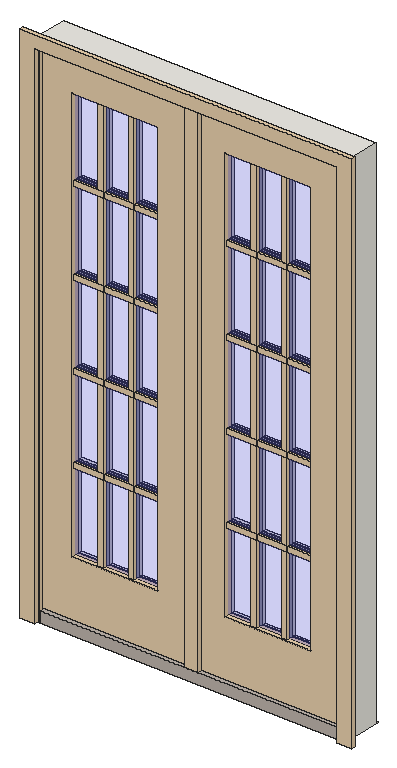
Revit family "Door-Inswing-Andersen-400_Series-Double 3", category Doors, host Wall, Revit 2013
Parameters
  Visual Light Transmittance = 0.37  # constant formula
  Type Comments = "Vinyl-clad wood inswing double door"  # constant formula
  Thermal Resistance (R) = 0.58703  # 3.3333 (h·ft²·°F)/BTU
  Solar Heat Gain Coefficient = 0.16  # constant formula
  Rough Width = Width + (Rough Opening Offset * 2)  # 4' - 0 1/2"
  Rough Opening Offset = 0' - 0 1/4"
  Masonry Width = if(Enter Exterior Trim Number > 0, Width + ((casing4 + Masonry Opening Offset) * 2), Width + (Masonry Opening Offset * 2))  # 4' - 0 1/2"
  Masonry Opening Offset = 0' - 0 1/4"
  Masonry Height = if(Enter Exterior Trim Number > 0, Height + (casing4 + 0' 0 1/2"), Height + 0' 0 1/2")  # 6' - 8 1/2"
  Learn About These Parameters = "http://www.andersenwindows.com/for-professionals/cad-symbols-bim-support-window-doors/bim-support"
  Heat Transfer Coefficient (U) = 1.7035  # 0.3000 BTU/(h·ft²·°F)
  Grille Bar Sizes = "3/4'', 7/8'', 1 1/8'', 2 1/4''"  # constant formula
  Between Glass Grille Bar Sizes = "3/4'', 1''"  # constant formula
  Interior Trim Visibility = yes
  Grille Bar Size = 0' - 0 7/8"
  Enter Pattern Number = 1
  Analytic Construction = "<None>"
  ..Pattern Number 1 = "Colonial"  # constant formula
  . . Lights Wide = 3
  . . Lights High = 5
  ..Pattern Number 2 = "Modified Colonial"  # constant formula
  ..Pattern Number 3 = "Prairie"  # constant formula
  ..Pattern Number 4 = "Short Fractional"  # constant formula
  ..Pattern Number 5 = "Tall Fractional"  # constant formula
  Extension Jamb Visibility = yes
  Enter Exterior Trim Number = 0
  ..Exterior Trim Number 0 = "No Exterior Trim"  # constant formula
  ..Exterior Trim Number 1 = "Brick Mould"  # constant formula
  ..Exterior Trim Number 2 = "3 1/2'' Flat Casing"  # constant formula
  ..Exterior Trim Number 3 = "4 1/2'' Flat Casing"  # constant formula
  Interior Grille Bar Visibility = yes
  Exterior Grille Bar Visibility = yes
  Between Glass Grille Bar Visibility = yes
  xjamb Visibility [instance] = and(Extension Jamb Visibility, Wall Depth > 0' 4 9/16")  # no
  xjamb S1 [instance] = if(Wall Depth < 0' 4 5/8", 0' 0 1/16", 0' 0")  # 0' - 0 1/16"
  casingS2 = if(Enter Exterior Trim Number = 1, 0' 0 3/16", 0' 0 3/16")  # 0' - 0 3/16"
  casingS1 = if(Enter Exterior Trim Number = 1, 0' 0 7/16", 0' 0 3/16")  # 0' - 0 3/16"
  casing4 = if(Enter Exterior Trim Number = 1, 0' 1 3/4", if(Enter Exterior Trim Number = 2, 0' 3 1/4", 0' 4 1/4"))  # 0' - 4 1/4"
  casing3 = 0' - 0 1/2"  # constant formula
  casing2 = 0' - 0 7/8"  # constant formula
  casing1 = 0' - 0 1/4"  # constant formula
  Wall Thickness [instance] = 0' - 8"
  Wall Depth [instance] = 0' - 4 9/16"
  Void Offset 1 [instance] = if(Enter Exterior Trim Number > 0, casing4, 0' 0")  # 0' - 0"
  Void Depth [instance] = if(Wall Thickness > Wall Depth, 0' 1" + Wall Thickness - Wall Depth, 0' 1")  # 0' - 4 7/16"
  VGB DLO = if(Enter Pattern Number = 3, 0' 4", (H DLO - (Grille Bar Size * (V Bars))) / if(LWide > 2, LWide, 3))  # 0' - 3.83333"
  V Bars = if(Enter Pattern Number = 3, 2, if(LWide > 2, LWide - 1, 2))  # 2
  URL = "www.andersenwindows.com"
  TS V DLO = Height - HGO - SGO  # 5' - 3 7/8"
  TS V Bar Length = if(or(Enter Pattern Number = 5, Enter Pattern Number = 2), ((((Height - HGO - SGO - (Grille Bar Size * (Fractional Lights High - 1))) / Fractional Lights High)) * TFL) + (TFB * Grille Bar Size), if(Enter Pattern Number = 4, ((Height - HGO - SGO - (Grille Bar Size * (Fractional Lights High - 1))) / Fractional Lights High), Height - HGO - SGO))  # 5' - 3 7/8"
  TS SH DLO = if(or(Enter Pattern Number = 5, Enter Pattern Number = 2), ((((Height - HGO - SGO - (Grille Bar Size * (Fractional Lights High - 1))) / Fractional Lights High)) * TFL) + (TFB * Grille Bar Size) + HGO + (Grille Bar Size / 2), if(Enter Pattern Number = 4, TS V Bar Length + HGO + (Grille Bar Size / 2), (TS V DLO / 2) + HGO))  # 3' - 1 9/16"
  TS S V = or(and(LWide = 2, Enter Pattern Number = 1), and(Fractional Lights Wide = 2, or(or(Enter Pattern Number = 2, Enter Pattern Number = 4), Enter Pattern Number = 5)))  # no
  TS S H Craftsman = and(Enter Pattern Number = 2, or(Fractional Lights High = 4, Fractional Lights High = 5))  # no
  TS S H = or(or(or(and(. . Lights High = 2, Enter Pattern Number = 1), and(Enter Pattern Number = 4, Fractional Lights High > 1)), and(Enter Pattern Number = 5, Fractional Lights High > 1)), and(Enter Pattern Number = 2, Fractional Lights High > 1))  # no
  TS M V = or(or(or(or(or(and(LWide > 2, Enter Pattern Number = 1), and(LWide > 2, Enter Pattern Number = 2)), Enter Pattern Number = 3), Enter Pattern Number = 4), Enter Pattern Number = 5), and(LWide > 2, Enter Pattern Number = 6))  # yes
  TS M H = or(or(Enter Pattern Number = 3, and(. . Lights High > 2, Enter Pattern Number = 1)), and(Enter Pattern Number = 2, Fractional Lights High > 5))  # yes
  TS HGB DLO = if(Enter Pattern Number = 1, if(. . Lights High > 2, ((TS V Bar Length - (Grille Bar Size * (. . Lights High - 1))) / . . Lights High), 0' 4"), if(Enter Pattern Number = 3, 0' 4", if(Fractional Lights High > 2, ((TS V Bar Length - (Grille Bar Size * 2)) / 3), 0' 4")))  # 1' - 0.075"
  TS H Bars = if(Enter Pattern Number = 3, 2, if(Enter Pattern Number = 1, if(. . Lights High > 2, . . Lights High - 1, 2), 2))  # 4
  TFL = if(Fractional Lights High > 5, 3, if(or(Fractional Lights High = 4, Fractional Lights High = 5), 2, if(or(Fractional Lights High = 2, Fractional Lights High = 3), 1, 1)))  # 3
  TFB = TFL - 1  # 2
  Sill Interior Offset [instance] = 0' - 0"  # constant formula
  Sill Height [instance] = 0' - 1 11/16"  # constant formula
  Rough Height = if(1 > 0, Height + 0' 0 1/2", 0' 0")  # 6' - 8 1/2"
  Panel Bottom Inset [instance] = 0' - 1 7/8"  # constant formula
  Sill Depth [instance] = 0' - 6 7/32"  # constant formula
  SGO = 0' - 10 1/2"  # constant formula
  Product Documentation Link = "http://www.andersenwindows.com/products/400-series-frenchwood-hinged-patio-door/"
  Panel Width = Width / 2 - 0' 1 3/16" - 0' 1 27/64" / 2  # 1' - 10 13/128"
  Panel Height [instance] = CTRL Height - 0' 1 3/16" - Panel Bottom Inset  # 6' - 4 15/16"
  Nail Fin Visibility = Enter Exterior Trim Number = 0  # yes
  Model = "400 Series"  # constant formula
  Manufacturer = "Andersen Corporation"  # constant formula
  LWide = if(Enter Pattern Number = 3, 3, if(Enter Pattern Number = 1, . . Lights Wide, Fractional Lights Wide))  # 3
  JGO = 0' - 5 5/8"  # constant formula
  Is Outswing = 1 = 1  # yes
  Interior Unit Finish = Wood - Andersen - Pine
  Interior Trim Size = 0' - 2 1/4"
  HGO = 0' - 5 5/8"  # constant formula
  H DLO = Width / 2 - (JGO * 2) + 0' 0 1/2"  # 1' - 1 1/4"
  Glazing Material = Glass ‐ Andersen - Low-E4 SmartSun
  Function = Exterior
  Height = 6' - 8"
  Wall Closure = By host
  Width = 4' - 0"
  Frame Interior Inset [instance] = 0' - 0"  # constant formula
  Frame Depth [instance] = 0' - 5 7/8"  # constant formula
  Fractional Lights Wide = 4
  Fractional Lights High = 6
  Family Version = "06.01.14"  # constant formula
  Exterior Unit Finish = Fiberglass - Andersen - White
  Exterior Trim Finish = Fibrex Composite - Andersen - White
  Designation = "FWH"
  Description = "Vinyl-clad wood inswing double door"  # constant formula
  Coarse Plan [instance] = if(Wall Depth > Wall Thickness, Wall Thickness, Wall Depth)  # 0' - 4 9/16"
  Casing Visibility [instance] = Enter Exterior Trim Number > 0  # no
  CTRL Height [instance] = Height  # 6' - 8"
  Between Glass Grille Bar Finish = Stainless Steel - Andersen - Standard
  BS V DLO = Height - HGO - SGO  # 5' - 3 7/8"
  BS SH DLO = if(Enter Pattern Number = 5, SGO + 0' 4" + (Grille Bar Size / 2), (BS V DLO / 2) + SGO)  # 3' - 6 7/16"
  BS S V = and(LWide = 2, Enter Pattern Number = 1)  # no
  BS M V = or(or(and(LWide > 2, Enter Pattern Number = 1), Enter Pattern Number = 3), Enter Pattern Number = 5)  # yes
  Assembly Code = "B2030100"
Reference planes (in)
  plane 1 "Center (Front/Back)": y = 0
  plane 2 "Center (Left/Right)": x = 0
  plane 3 "R Frame": x = -24
  plane 4 "L Frame": x = 24
  plane 5 "T Frame": z = 80
  plane 6 "Wall S1": y = 4
  plane 7 "Wall S2": y = -4
  plane 8 "Interior Casing": y = -4.625
  plane 9 "Frame S2": y = -4
  plane 10 "Flange": y = 0.5625
  plane 11 "Casing S2": y = 2.0625
  plane 12 "Casing S1": y = 2.0625
  plane 13 "Exterior Offset": y = 5
  plane 14 "Coarse Detail Plan": y = 1.5625
  plane 15 "R Rough Opening": x = -24.25
  plane 16 "R Casing 1": x = -23.75
  plane 17 "R Casing 2": x = -27.375
  plane 18 "R Casing 3": x = -27.75
  plane 19 "R Casing 4": x = -28.25
  plane 20 "R Masonry Opening": x = -24.25
  plane 21 "L Masonry Opening": x = 24.25
  plane 22 "L Casing 4": x = 28.25
  plane 23 "L Casing 3": x = 27.75
  plane 24 "L Casing 2": x = 27.375
  plane 25 "L Casing 1": x = 23.75
  plane 26 "L Rough Opening": x = 24.25
  plane 27 "T Rough Opening": z = 80.5
  plane 28 "T Casing 1": z = 79.75
  plane 29 "T Casing 2": z = 83.375
  plane 30 "T Casing 3": z = 83.75
  plane 31 "T Casing 4": z = 84.25
  plane 32 "T Masonry Opening": z = 80.5
  plane 33 "R Int Casing": x = -25.5
  plane 34 "R Xjamb 2": x = -23.875
  plane 35 "R Ext Frame": x = -22.96875
  plane 36 "L Int Casing": x = 25.5
  plane 37 "L Xjamb 2": x = 23.875
  plane 38 "L Ext Frame": x = 22.96875
  plane 39 "T Int Casing": z = 81.21875
  plane 40 "T Xjamb 2": z = 79.875
  plane 41 "T Ext Frame": z = 78.96875
  plane 42 "L Panel": x = -0.71094
  plane 43 "R Panel": x = -22.8125
  plane 44 "T Panel": z = 78.8125
  plane 45 "B Panel": z = 1.875
  plane 46 "B Glazing": z = 10.5
  plane 47 "T Glazing": z = 74.375
  plane 48 "L Glazing": x = -5.14844
  plane 49 "R Glazing": x = -18.375
  plane 50 "Panel1 S1": y = -1.8125
  plane 51 "Panel1 S2": y = -3.53125
  plane 52 "Xjamb S1": y = -3.9375
  plane 53 "Frame S1": y = 1.875
  plane 54 "Stop Exterior": y = -0.64368
  plane 55 "Stop Interior": y = -1.781
  plane 56 "Sill Interior": y = -4
  plane 57 "Sill Exterior": y = 2.21875
  plane 58 "L Stop": x = 21.9375
  plane 59 "R Stop": x = -21.9375
  plane 60 "T Stop": z = 77.9375
  plane 61 "Sill Height": z = 1.6875
  plane 62 "Glass1 S1": y = -2.21875
  plane 63 "Glass1 S3": y = -2.8125
  plane 64 "Glass1 S2": y = -2.375
  plane 65 "Glass1 S4": y = -2.96875
  plane 66 "Vert Bar length": z = 10.5
  plane 67 "L Xjamb 1": x = 23.25
  plane 68 "R Xjamb S1": x = -23.25
  plane 69 "T Xjamb S1": z = 79.25
  plane 70 "Center Elevation": z = 40.34375
  plane 71 "R of Right Panel": x = 22.8125
  plane 72 "Left of Right Panel": x = 0.71094
  plane 73 "R Glazing of Right Panel": x = 18.375
  plane 74 "L Glazing Right Panel": x = 5.14844
  plane 75 "Center of Left Panel": x = -11.76172
  plane 76 "Center of Right Panel": x = 11.76172
Forms (in)
  Extrusion 1, void
    sketch origin (0, 0, 0) x (1, 0, 0) y (0, 0, 1)
      loop
        line (24, 80) -> (-24, 80) -> (-24, 0) -> (24, 0) -> (24, 80)
    from -0.5625 to 4
  Extrusion 2, void
    sketch origin (0, 0, 0) x (1, 0, 0) y (0, 0, 1)
      loop
        line (24, 80) -> (-24, 80) -> (-24, 0) -> (24, 0) -> (24, 80)
    from -16 to -0.5625
  Sweep 3, solid, material "Fibrex Composite - Andersen - White" <- "Exterior Trim Finish", visible <- "Casing Visibility", detail levels medium+fine
    path origin (0, 0.5625, 0) x (-1, 0, 0) y (0, 0, 1)
      loop
        line (-28.25, 0) -> (-28.25, 84.25) -> (28.25, 84.25) -> (28.25, 0)
    profile origin (28.25, 0.5625, 42.125) x (1, 0, 0) y (0, 1, 0)
      loop
        line (-0.875, 1.5) -> (-4.5, 1.5) -> (-4.5, 0) -> (0, 0) -> (0, 1.5) -> (-0.5, 1.5) -> (-0.875, 1.5)
  Extrusion 4, solid, material "Fibrex Composite - Andersen - White" <- "Exterior Trim Finish", visible <- "Casing Visibility", detail levels coarse
    sketch origin (0, 0.5625, 0) x (-1, 0, 0) y (0, 0, 1)
      loop
        line (-23.75, 79.75) -> (23.75, 79.75) -> (23.75, 0) -> (28.25, 0) -> (28.25, 84.25) -> (-28.25, 84.25) -> (-28.25, 0) -> (-23.75, 0) -> (-23.75, 79.75)
    from 0 to 1.4375
  Extrusion 5, solid, material "Wood - Andersen - Pine" <- "Interior Unit Finish", visible <- "Interior Trim Visibility", detail levels fine
    sketch origin (0, 0, 0) x (1, 0, 0) y (0, 0, 1)
      loop
        line (-23.25, 79.25) -> (23.25, 79.25) -> (23.25, 0) -> (25.5, 0) -> (25.5, 81.21875) -> (-25.5, 81.21875) -> (-25.5, 0) -> (-23.25, 0) -> (-23.25, 79.25)
    from 4 to 4.625
  Extrusion 6, solid, material "Wood - Andersen - Pine" <- "Interior Unit Finish", visible <- "xjamb Visibility", detail levels medium+fine
    sketch origin (0, 0, 0) x (1, 0, 0) y (0, 0, 1)
      loop
        line (-23.875, 0) -> (-23.25, 0) -> (-23.25, 79.25) -> (23.25, 79.25) -> (23.25, 0) -> (23.875, 0) -> (23.875, 79.875) -> (-23.875, 79.875) -> (-23.875, 0)
    from 3.9375 to 4
  Sweep 7, solid, material "Fiberglass - Andersen - White" <- "Exterior Unit Finish", detail levels medium+fine
    path origin (0, 0.5625, 0) x (-1, 0, 0) y (0, 0, 1)
      loop
        line (-24, 0) -> (-24, 80) -> (24, 80) -> (24, 0)
    profile origin (24, 0.5625, 40) x (1, 0, 0) y (0, 1, 0)
      loop
        line (0, -4.5625) -> (0, 1.3125) -> (-1.03125, 1.3125) -> (-1.03125, 0.19085) -> (-1.375, -0.04984) -> (-1.375, -1.051) -> (-2.0625, -1.20618) -> (-2.0625, -2.3435) -> (-1.61, -2.3435) -> (-1.61, -2.7805) -> (-1.03125, -2.7805) -> (-1.03125, -4.5625) -> (0, -4.5625)
  Sweep 8, solid, material "Fiberglass - Andersen - White" <- "Exterior Unit Finish", detail levels coarse
    path origin (-0.30351, 0.5625, 0) x (-1, 0, 0) y (0, 0, 1)
      loop
        line (-24.30351, 0) -> (-24.30351, 80) -> (23.69649, 80) -> (23.69649, 0)
    profile origin (24, 0.5625, 40) x (1, 0, 0) y (0, 1, 0)
      loop
        line (-1.03125, -4.5625) -> (0, -4.5625) -> (0, 1.3125) -> (-1.03125, 1.3125) -> (-1.03125, -4.5625)
  Sweep 9, solid, material "Aluminum - Andersen - Painted - Sandtone", detail levels medium+fine
    path origin (0, 0.5625, 0) x (-1, 0, 0) y (0, 0, 1)
      loop
        line (-24, 0) -> (24, 0)
    profile origin (0, 0.5625, 0) x (0, 0, 1) y (0, 1, 0)
      loop
        line (0.766, 0.0005) -> (0.25, 0.0005) -> (0.17176, 1.65625) -> (0, 1.65625) -> (0, -4.5625) -> (1.6875, -4.5625) -> (1.6875, -2.7805) -> (2.172, -2.7805) -> (2.172, -2.3745) -> (0.97176, -2.3745) -> (0.766, 0.0005)
  Sweep 10, solid, material "Aluminum - Andersen - Painted - Sandtone", detail levels coarse
    path origin (0, 0.5625, 0) x (-1, 0, 0) y (0, 0, 1)
      loop
        line (-24, 1.875) -> (24, 1.875)
    profile origin (0, 0.5625, 1.875) x (0, 0, 1) y (0, 1, 0)
      loop
        line (0, 1.65625) -> (-1.875, 1.65625) -> (-1.875, -4.5625) -> (0, -4.5625) -> (0, 1.65625)
  Sweep 11, solid, material "Wood - Andersen - Pine" <- "Interior Unit Finish"
    path origin (0, 0.5625, 4.24484) x (-1, 0, 0) y (0, 0, 1)
      loop
        line (5.14844, 6.25516) -> (18.375, 6.25516)
    profile origin (-11.76172, 0.5625, 10.5) x (0, 0, 1) y (0, 1, 0)
      loop
        line (-8.625, -4.09375) -> (0, -4.09375) -> (0, -2.78125) -> (-8.625, -2.78125) -> (-8.625, -4.09375)
      loop
        line (63.875, -4.09375) -> (68.3125, -4.09375) -> (68.3125, -2.78125) -> (63.875, -2.78125) -> (63.875, -4.09375)
  Sweep 12, solid, material "Fiberglass - Andersen - White" <- "Exterior Unit Finish"
    path origin (0, -2.21875, 0) x (-1, 0, 0) y (0, 0, 1)
      loop
        line (5.14844, 10.5) -> (18.375, 10.5)
    profile origin (-11.76172, -2.21875, 10.5) x (0, 0, 1) y (0, 1, 0)
      loop
        line (-8.625, 0) -> (0, 0) -> (0, 0.40625) -> (-8.625, 0.40625) -> (-8.625, 0)
      loop
        line (63.875, 0) -> (68.3125, 0) -> (68.3125, 0.40625) -> (63.875, 0.40625) -> (63.875, 0)
  Sweep 13, solid, material "Wood - Andersen - Pine" <- "Interior Unit Finish"
    path origin (0, 0.5625, 0) x (-1, 0, 0) y (0, 0, 1)
      loop
        line (0, 1.875) -> (0, 78.8125)
    profile origin (0, 0.5625, 40.34375) x (1, 0, 0) y (0, 1, 0)
      loop
        line (-22.8125, -2.78125) -> (-22.8125, -4.09375) -> (-18.375, -4.09375) -> (-18.375, -2.78125) -> (-22.8125, -2.78125)
      loop
        line (-0.71094, -2.78125) -> (-5.14844, -2.78125) -> (-5.14844, -4.09375) -> (-0.71094, -4.09375) -> (-0.71094, -2.78125)
  Sweep 14, solid, material "Fiberglass - Andersen - White" <- "Exterior Unit Finish"
    path origin (0.20798, 0.5625, 0) x (-1, 0, 0) y (0, 0, 1)
      loop
        line (0.20798, 1.875) -> (0.20798, 78.8125)
    profile origin (0, 0.5625, 40.34375) x (1, 0, 0) y (0, 1, 0)
      loop
        line (-22.8125, -2.375) -> (-22.8125, -2.78125) -> (-18.375, -2.78125) -> (-18.375, -2.375) -> (-22.8125, -2.375)
      loop
        line (-0.71094, -2.375) -> (-5.14844, -2.375) -> (-5.14844, -2.78125) -> (-0.71094, -2.78125) -> (-0.71094, -2.375)
  Sweep 15, void
    path origin (0, 0.5625, 0) x (-1, 0, 0) y (0, 0, 1)
      loop
        line (22.8125, 1.875) -> (22.8125, 78.8125) -> (0.71094, 78.8125) -> (0.71094, 1.875) -> (22.8125, 1.875)
    profile origin (-11.76172, 0.5625, 1.875) x (0, 0, -1) y (0, 1, 0)
      loop
        line (-0.297, -2.375) -> (-0.297, -2.81175) -> (0, -2.81175) -> (0, -2.375) -> (-0.297, -2.375)
  Sweep 16, solid, material "Glass ‐ Andersen - Low-E4 SmartSun" <- "Glazing Material"
    path origin (0, 0, 0) x (0, 1, 0) y (0, 0, 1)
      loop
        line (-2.21875, 10.5) -> (-2.96875, 10.5)
    profile origin (0, -2.59375, 10.5) x (0, 0, -1) y (1, 0, 0)
      loop
        line (-63.875, -5.14844) -> (-63.875, -18.375) -> (0, -18.375) -> (0, -5.14844) -> (-63.875, -5.14844)
      loop
        line (-63.875, 5.14844) -> (0, 5.14844) -> (0, 18.375) -> (-63.875, 18.375) -> (-63.875, 5.14844)
  Sweep 17, solid, material "Wood - Andersen - Pine" <- "Interior Unit Finish"
    path origin (31.24872, 0.5625, 0) x (-1, 0, 0) y (0, 0, 1)
      loop
        line (7.24872, 1.875) -> (7.24872, 78.8125)
    profile origin (24, 0.5625, 40.34375) x (1, 0, 0) y (0, 1, 0)
      loop
        line (-23.28906, -2.78125) -> (-23.28906, -4.09375) -> (-18.85156, -4.09375) -> (-18.85156, -2.78125) -> (-23.28906, -2.78125)
      loop
        line (-1.1875, -2.78125) -> (-5.625, -2.78125) -> (-5.625, -4.09375) -> (-1.1875, -4.09375) -> (-1.1875, -2.78125)
  Sweep 18, solid, material "Wood - Andersen - Pine" <- "Interior Unit Finish"
    path origin (33.53042, 10.42629, 2.07538) x (-1, 0, 0) y (0, 0, 1)
      loop
        line (15.15542, 6.25516) -> (28.38198, 6.25516)
    profile origin (11.76172, 10.42629, 8.33053) x (0, 0, 1) y (0, 1, 0)
      loop
        line (-6.45553, -13.95754) -> (2.16947, -13.95754) -> (2.16947, -12.64504) -> (-6.45553, -12.64504) -> (-6.45553, -13.95754)
      loop
        line (66.04447, -13.95754) -> (70.48197, -13.95754) -> (70.48197, -12.64504) -> (66.04447, -12.64504) -> (66.04447, -13.95754)
  Sweep 19, solid, material "Fiberglass - Andersen - White" <- "Exterior Unit Finish"
    path origin (31, -2.21875, 0) x (-1, 0, 0) y (0, 0, 1)
      loop
        line (12.625, 10.5) -> (25.85156, 10.5)
    profile origin (11.76172, -2.21875, 10.5) x (0, 0, 1) y (0, 1, 0)
      loop
        line (-8.625, 0) -> (0, 0) -> (0, 0.40625) -> (-8.625, 0.40625) -> (-8.625, 0)
      loop
        line (63.875, 0) -> (68.3125, 0) -> (68.3125, 0.40625) -> (63.875, 0.40625) -> (63.875, 0)
  Sweep 20, solid, material "Fiberglass - Andersen - White" <- "Exterior Unit Finish"
    path origin (36.20798, 0.5625, 0) x (-1, 0, 0) y (0, 0, 1)
      loop
        line (36.20798, 1.875) -> (36.20798, 78.8125)
    profile origin (0, 0.5625, 40.34375) x (1, 0, 0) y (0, 1, 0)
      loop
        line (0.71094, -2.375) -> (0.71094, -2.78125) -> (5.14844, -2.78125) -> (5.14844, -2.375) -> (0.71094, -2.375)
      loop
        line (22.8125, -2.375) -> (18.375, -2.375) -> (18.375, -2.78125) -> (22.8125, -2.78125) -> (22.8125, -2.375)
  Sweep 21, void
    path origin (0, -1.8125, 0) x (-1, 0, 0) y (0, 0, 1)
      loop
        line (-22.8125, 1.875) -> (-0.71094, 1.875) -> (-0.71094, 78.8125) -> (-22.8125, 78.8125) -> (-22.8125, 1.875)
    profile origin (11.76172, -1.8125, 1.875) x (0, 0, 1) y (0, 1, 0)
      loop
        line (0, -0.43675) -> (0.297, -0.43675) -> (0.297, 0) -> (0, 0) -> (0, -0.43675)
  Sweep 22, solid, material "Fiberglass - Andersen - White" <- "Exterior Unit Finish", detail levels medium+fine
    path origin (0, -1.8125, 0) x (-1, 0, 0) y (0, 0, 1)
      loop
        line (11.76172, 79.25) -> (11.76172, 0)
    profile origin (-11.76172, -1.8125, 39.625) x (0, 1, 0) y (-1, 0, 0)
      loop
        line (1.50447, -10.17349) -> (0, -10.17349) -> (0, -10.43443) -> (-0.64574, -10.43443) -> (-0.64574, -11.05078) -> (-2.1875, -11.05078) -> (-2.1875, -13.14155) -> (-1.71875, -13.14155) -> (-1.71875, -12.47266) -> (-0.64574, -12.47266) -> (-0.64574, -13.08901) -> (0, -13.08901) -> (0, -13.34994) -> (1.50447, -13.34994) -> (1.50447, -10.17349)
  Sweep 23, solid, material "Fiberglass - Andersen - White" <- "Exterior Unit Finish", detail levels coarse
    path origin (0, -3.53125, 0) x (-1, 0, 0) y (0, 0, 1)
      loop
        line (0, 80) -> (0, 1.875)
    profile origin (0, -3.53125, 40.9375) x (0, 1, 0) y (-1, 0, 0)
      loop
        line (3.22322, -0.71094) -> (3.22322, 0.71094) -> (-0.46875, 0.71094) -> (-0.46875, -0.71094) -> (3.22322, -0.71094)
  Sweep 24, void
    path origin (-1.03125, 0.5625, 0) x (-1, 0, 0) y (0, 0, 1)
      loop
        line (-6.17969, 0) -> (4.11719, 0)
    profile origin (0, 0.5625, 0) x (0, 0, 1) y (0, 1, 0)
      loop
        line (0.766, 0.0005) -> (0.25, 0.0005) -> (0.17176, 1.65625) -> (0, 1.65625) -> (0, -4.5625) -> (1.6875, -4.5625) -> (1.6875, -2.7805) -> (2.172, -2.7805) -> (2.172, -2.3745) -> (0.97176, -2.3745) -> (0.766, 0.0005)
  Sweep 25, void
    path origin (-0.31764, 0.5625, 0) x (-1, 0, 0) y (0, 0, 1)
      loop
        line (-0.31764, 0) -> (-0.31764, 10.5)
    profile origin (0, 0.5625, 5.25) x (1, 0, 0) y (0, 1, 0)
      loop
        line (24, -4.5625) -> (24, 1.3125) -> (22.96875, 1.3125) -> (22.96875, 0.19085) -> (22.625, -0.04984) -> (22.625, -1.051) -> (21.9375, -1.20618) -> (21.9375, -2.3435) -> (22.39, -2.3435) -> (22.39, -2.7805) -> (22.96875, -2.7805) -> (22.96875, -4.5625) -> (24, -4.5625)
      loop
        line (-24, -4.5625) -> (-22.96875, -4.5625) -> (-22.96875, -2.7805) -> (-22.39, -2.7805) -> (-22.39, -2.3435) -> (-21.9375, -2.3435) -> (-21.9375, -1.20618) -> (-22.625, -1.051) -> (-22.625, -0.04984) -> (-22.96875, 0.19085) -> (-22.96875, 1.3125) -> (-24, 1.3125) -> (-24, -4.5625)
  Sweep 26, void
    path origin (-0.49936, 0.5625, 0) x (-1, 0, 0) y (0, 0, 1)
      loop
        line (-0.49936, 0) -> (-0.49936, 10.5)
    profile origin (0, 0.5625, 5.25) x (1, 0, 0) y (0, 1, 0)
      loop
        line (-24, -4.5625) -> (-22.96875, -4.5625) -> (-22.96875, 1.3125) -> (-24, 1.3125) -> (-24, -4.5625)
      loop
        line (24, -4.5625) -> (24, 1.3125) -> (22.96875, 1.3125) -> (22.96875, -4.5625) -> (24, -4.5625)
Cuts and joins
  Sweep 24 cuts Sweep 22
  joined: Sweep 7, Sweep 22
  Sweep 21 cuts Sweep 17
  Sweep 21 cuts Sweep 18
  joined: Sweep 17, Sweep 18
  Sweep 21 cuts Sweep 19
  Sweep 21 cuts Sweep 20
  joined: Sweep 19, Sweep 20
  Sweep 15 cuts Sweep 11
  Sweep 15 cuts Sweep 13
  joined: Sweep 11, Sweep 13
  Sweep 15 cuts Sweep 12
  Sweep 15 cuts Sweep 14
  joined: Sweep 12, Sweep 14
  joined: Sweep 8, Sweep 23
  Sweep 25 cuts Sweep 9
  Sweep 26 cuts Sweep 10
Lines and regions (in)
  Masking region 1, visible <- "Casing Visibility"
    outline origin (0, 0, 0) x (0, 1, 0) y (0, 0, 1)
      loop
        line (0.5625, 80) -> (1.875, 80) -> (1.875, 0) -> (2.0625, 0) -> (2.0625, 84.25) -> (0.5625, 84.25) -> (0.5625, 80)
  Masking region 2
    outline origin (0, 0, 0) x (1, 0, 0) y (0, 1, 0)
      loop
        line (-24, 2.21875) -> (-24, -4) -> (24, -4) -> (24, 2.21875) -> (-24, 2.21875)
  Masking region 3
    outline origin (0, 0, 0) x (0, 1, 0) y (0, 0, 1)
      loop
        line (1.875, 80) -> (-4, 80) -> (-4, 0) -> (1.875, 0) -> (1.875, 80)
  Masking region 4, visible <- "Casing Visibility", detail levels fine
    outline origin (0, 0, 0) x (1, 0, 0) y (0, 1, 0)
      loop
        line (-27.75, 2.0625) -> (-28.25, 2.0625) -> (-28.25, 0.5625) -> (-24, 0.5625) -> (-24, 1.875) -> (-23.75, 1.875) -> (-23.75, 2.0625) -> (-27.375, 2.0625) -> (-27.75, 2.0625)
  Masking region 5, visible <- "Casing Visibility", detail levels fine
    outline origin (0, 0, 0) x (1, 0, 0) y (0, 1, 0)
      loop
        line (27.75, 2.0625) -> (27.375, 2.0625) -> (23.75, 2.0625) -> (23.75, 1.875) -> (24, 1.875) -> (24, 0.5625) -> (28.25, 0.5625) -> (28.25, 2.0625) -> (27.75, 2.0625)
  Masking region 6, visible <- "Casing Visibility", detail levels coarse+medium
    outline origin (0, 0, 0) x (1, 0, 0) y (0, 1, 0)
      loop
        line (-28.25, 2.0625) -> (-28.25, 0.5625) -> (-24, 0.5625) -> (-24, 2.0625) -> (-28.25, 2.0625)
  Masking region 7, visible <- "Casing Visibility", detail levels coarse+medium
    outline origin (0, 0, 0) x (1, 0, 0) y (0, 1, 0)
      loop
        line (24, 2.0625) -> (24, 0.5625) -> (28.25, 0.5625) -> (28.25, 2.0625) -> (24, 2.0625)
  Masking region 8, visible <- "Casing Visibility"
    outline origin (0, 2.625, 0) x (-1, 0, 0) y (0, 0, 1)
      loop
        line (-28.25, 84.25) -> (-28.25, 0) -> (-23.75, 0) -> (-23.75, 79.75) -> (23.75, 79.75) -> (23.75, 0) -> (28.25, 0) -> (28.25, 84.25) -> (-28.25, 84.25)
  Masking region 9, visible <- "Interior Trim Visibility", detail levels fine
    outline origin (0, -4.625, 0) x (-1, 0, 0) y (0, 0, 1)
      loop
        line (-25.5, 81.21875) -> (-25.5, 0) -> (-24, 0) -> (-24, 80) -> (24, 80) -> (24, 0) -> (25.5, 0) -> (25.5, 81.21875) -> (-25.5, 81.21875)
  Masking region 10
    outline origin (0, 1.875, 0) x (-1, 0, 0) y (0, 0, 1)
      loop
        line (-24, 80) -> (-24, 0) -> (24, 0) -> (24, 80) -> (-24, 80)
      loop
        line (-21.9375, 77.9375) -> (-21.9375, 1.6875) -> (-1.58823, 1.6875) -> (-1.58823, 77.9375) -> (-21.9375, 77.9375)
      loop
        line (21.9375, 1.6875) -> (21.9375, 77.9375) -> (1.58823, 77.9375) -> (1.58823, 1.6875) -> (21.9375, 1.6875)
  Masking region 11
    outline origin (0, -1.8125, 0) x (-1, 0, 0) y (0, 0, 1)
      loop
        line (0.71094, 78.8125) -> (0.71094, 1.875) -> (22.8125, 1.875) -> (22.8125, 78.8125) -> (0.71094, 78.8125)
      loop
        line (-22.8125, 78.8125) -> (-22.8125, 1.875) -> (-0.71094, 1.875) -> (-0.71094, 78.8125) -> (-22.8125, 78.8125)
  Masking region 12, visible <- "Interior Trim Visibility", detail levels fine
    outline origin (0, 0, 0) x (1, 0, 0) y (0, 1, 0)
      loop
        line (-25.5, -4) -> (-25.5, -4.625) -> (-23.25, -4.625) -> (-23.25, -4) -> (-25.5, -4)
  Masking region 13, visible <- "xjamb Visibility", detail levels medium+fine
    outline origin (0, 0, 0) x (1, 0, 0) y (0, 1, 0)
      loop
        line (-23.875, -3.9375) -> (-23.875, -4) -> (-23.25, -4) -> (-23.25, -3.9375) -> (-23.875, -3.9375)
  Masking region 14, visible <- "Interior Trim Visibility", detail levels fine
    outline origin (0, 0, 0) x (1, 0, 0) y (0, 1, 0)
      loop
        line (23.25, -4) -> (23.25, -4.625) -> (25.5, -4.625) -> (25.5, -4) -> (23.25, -4)
  Masking region 15, visible <- "xjamb Visibility", detail levels medium+fine
    outline origin (0, 0, 0) x (1, 0, 0) y (0, 1, 0)
      loop
        line (23.25, -3.9375) -> (23.25, -4) -> (23.875, -4) -> (23.875, -3.9375) -> (23.25, -3.9375)
  Masking region 16, visible <- "xjamb Visibility", detail levels medium+fine
    outline origin (0, 0, 0) x (0, 1, 0) y (0, 0, 1)
      loop
        line (-3.9375, 79.875) -> (-4, 79.875) -> (-4, 0) -> (-3.9375, 0) -> (-3.9375, 79.875)
  Masking region 17, visible <- "Interior Trim Visibility", detail levels fine
    outline origin (0, 0, 0) x (0, 1, 0) y (0, 0, 1)
      loop
        line (-4, 81.21875) -> (-4.625, 81.21875) -> (-4.625, 0) -> (-4, 0) -> (-4, 81.21875)
  Split face 1
    outline origin (24, 2.21875, 1.875) x (-1, 0, 0) y (0, -1, 0)
      loop
        line (48, 4.4375) -> (0, 4.4375)
  Split face 2
    outline origin (-22.96875, -4, 78.96875) x (0, 0, -1) y (0, 1, 0)
      loop
        line (0, 1.78125) -> (78.96875, 1.78125)
  Split face 3
    outline origin (22.96875, -4, 78.96875) x (0, 1, 0) y (-1, 0, 0)
      loop
        line (1.78125, 45.9375) -> (1.78125, 0)
  Split face 4
    outline origin (22.96875, -4, 0) x (0, 0, 1) y (0, 1, 0)
      loop
        line (78.96875, 1.78125) -> (0, 1.78125)
  Split face 5
    outline origin (-0.71094, -2.45824, 79.25) x (0, 0, -1) y (0, -1, 0)
      loop
        line (79.25, 1.07276) -> (0, 1.07276)
  Split face 6
    outline origin (-0.71094, -0.30803, 80) x (0, 0, -1) y (0, -1, 0)
      loop
        line (78.125, 1.91072) -> (1.03125, 1.91072)
  Split face 7
    outline origin (0.71094, -4, 80) x (0, 0, -1) y (0, 1, 0)
      loop
        line (1.03125, 1.78125) -> (78.125, 1.78125)
  symbolic lines, style "DoorsFrameMullionProjection", visible <- "Casing Visibility", detail levels medium+fine
    curve 1: line (0, 2.0625, 83.75) -> (0, 2.0625, 83.375)
    curve 2: line (0, 2.0625, 83.375) -> (0, 2.0625, 79.75)
    curve 3: line (0, 2.0625, 79.75) -> (0, 1.875, 79.75)
  symbolic lines, style "DoorsFrameMullionProjection", detail levels coarse
    curve 4: line (0, 1.875, 80) -> (0, 2.0625, 80)
    curve 31: line (-22.96875, 1.875, 1.875) -> (-24, 1.875, 1.875)
    curve 32: line (22.96875, 1.875, 1.25) -> (22.96875, -4, 1.25)
    curve 33: line (22.96875, 1.875, 1.25) -> (24, 1.875, 1.25)
    curve 46: line (-22.96875, 1.875, 1.25) -> (-22.96875, -4, 1.25)
    curve 47: line (-22.96875, 1.875, 1.25) -> (-24, 1.875, 1.25)
    curve 84: line (0, 2.21875, 0) -> (0, 2.21875, 1.6875)
    curve 85: line (0, 2.21875, 1.6875) -> (0, -4, 1.6875)
    curve 231: line (23.875, 1.875, 1.875) -> (22.96875, 1.875, 1.875)
    curve 234: line (0, -4, 78.96875) -> (0, 1.875, 78.96875)
    curve 265: line (0, -2.46775, 78.8125) -> (0, -1.8125, 78.8125)
    curve 266: line (0, -1.8125, 78.8125) -> (0, -1.8125, 78.19615)
  symbolic lines, style "DoorsFrameMullionProjection", detail levels medium+fine
    curve 5: line (-23.625, -4, 1.875) -> (-24, -4, 1.875)
    curve 34: line (22.96875, -4, 1.25) -> (22.96875, -2.218, 1.25)
    curve 35: line (22.96875, -2.218, 1.25) -> (22.39, -2.218, 1.25)
    curve 36: line (21.9375, -1.781, 1.25) -> (21.9375, -0.64368, 1.25)
    curve 37: line (22.625, 0.51266, 1.25) -> (22.96875, 0.75335, 1.25)
    curve 38: line (22.96875, 0.75335, 1.25) -> (22.96875, 1.875, 1.25)
    curve 39: line (24, 1.875, 1.25) -> (24, -4, 1.25)
    curve 41: line (22.39, -1.781, 1.25) -> (21.9375, -1.781, 1.25)
    curve 42: line (22.39, -2.218, 1.25) -> (22.39, -1.781, 1.25)
    curve 43: line (22.625, -0.4885, 1.25) -> (22.625, 0.51266, 1.25)
    curve 44: line (21.9375, -0.64368, 1.25) -> (22.625, -0.4885, 1.25)
    curve 48: line (-22.96875, -4, 1.25) -> (-22.96875, -2.218, 1.25)
    curve 49: line (-22.96875, -2.218, 1.25) -> (-22.39, -2.218, 1.25)
    curve 50: line (-21.9375, -1.781, 1.25) -> (-21.9375, -0.64368, 1.25)
    curve 51: line (-22.625, 0.51266, 1.25) -> (-22.96875, 0.75335, 1.25)
    curve 52: line (-22.96875, 0.75335, 1.25) -> (-22.96875, 1.875, 1.25)
    curve 53: line (-24, 1.875, 1.25) -> (-24, -4, 1.25)
    curve 55: line (-22.39, -1.781, 1.25) -> (-21.9375, -1.781, 1.25)
    curve 56: line (-22.39, -2.218, 1.25) -> (-22.39, -1.781, 1.25)
    curve 57: line (-22.625, -0.4885, 1.25) -> (-22.625, 0.51266, 1.25)
    curve 58: line (-21.9375, -0.64368, 1.25) -> (-22.625, -0.4885, 1.25)
    curve 86: line (0, 0.5625, 0.25002) -> (0, 2.21875, 0.17176)
    curve 87: line (0, 2.21875, 0.17176) -> (0, 2.21875, 0)
    curve 88: line (0, -4, 0) -> (0, -4, 1.6875)
    curve 89: line (0, -1.812, 0.97176) -> (0, -1.812, 2.172)
    curve 90: line (0, -1.812, 0.97176) -> (0, 0.5625, 0.76604)
    curve 91: line (0, 0.5625, 0.76604) -> (0, 0.5625, 0.25002)
    curve 92: line (0, -2.218, 1.6875) -> (0, -2.218, 2.172)
    curve 93: line (0, -2.218, 2.172) -> (0, -1.812, 2.172)
    curve 94: line (0, -4, 1.6875) -> (0, -2.218, 1.6875)
    curve 235: line (0, -0.64368, 77.9375) -> (0, -1.781, 77.9375)
    curve 236: line (0, -0.4885, 78.625) -> (0, -0.64368, 77.9375)
    curve 237: line (0, -0.4885, 78.625) -> (0, 0.51266, 78.625)
    curve 238: line (0, 0.51266, 78.625) -> (0, 0.75335, 78.96875)
    curve 239: line (0, 0.75335, 78.96875) -> (0, 1.875, 78.96875)
    curve 242: line (0, -4, 80) -> (0, 1.875, 80)
    curve 243: line (0, -1.781, 78.39) -> (0, -1.781, 77.9375)
    curve 244: line (0, -2.218, 78.39) -> (0, -1.781, 78.39)
    curve 245: line (0, -2.218, 78.96875) -> (0, -2.218, 78.39)
    curve 246: line (0, -4, 78.96875) -> (0, -2.218, 78.96875)
    curve 250: line (0, -2.45699, 78.19615) -> (0, -1.8125, 78.19615)
    curve 251: line (0, -2.46775, 78.8125) -> (0, -2.45699, 78.19615)
    curve 277: line (-1.32729, -1.8125, 0) -> (-1.32729, -2.45824, 0)
    curve 278: line (-1.32729, -2.45824, 0) -> (-0.71112, -2.45824, 0)
    curve 284: line (0.71112, -2.45824, 0) -> (1.32729, -2.45824, 0)
    curve 285: line (1.32729, -2.45824, 0) -> (1.32729, -1.8125, 0)
  symbolic lines, style "DoorsFrameMullionProjection"
    curve 6: line (21.9375, 1.875, 1.6875) -> (21.9375, 1.875, 0)
    curve 7: line (-21.9375, 1.875, 1.6875) -> (-21.9375, 1.875, 0)
    curve 8: line (-22.96875, -1.8125, 78.96875) -> (-22.96875, -1.8125, 0)
    curve 9: line (22.96875, -1.8125, 78.96875) -> (22.96875, -1.8125, 0)
    curve 13: line (-22.96875, -1.8125, 78.96875) -> (22.96875, -1.8125, 78.96875)
    curve 40: line (24, -4, 1.25) -> (22.96875, -4, 1.25)
    curve 45: line (24, 1.875, 1.25) -> (22.96875, 1.875, 1.25)
    curve 54: line (-24, -4, 1.25) -> (-22.96875, -4, 1.25)
    curve 59: line (-24, 1.875, 1.25) -> (-22.96875, 1.875, 1.25)
    curve 240: line (0, 1.875, 78.96875) -> (0, 1.875, 80)
    curve 241: line (0, -4, 78.96875) -> (0, -4, 80)
    curve 247: line (0, -1.8125, 78.19615) -> (0, -1.8125, 74.375)
    curve 248: line (0, -3.53075, 78.8125) -> (0, -3.53075, 74.375)
    curve 249: line (0, -3.53075, 78.8125) -> (0, -2.46775, 78.8125)
    curve 252: line (0, -3.53075, 75.125) -> (0, -2.2185, 75.125)
    curve 253: line (0, -3.4685, 75.125) -> (0, -3.4685, 74.61103)
    curve 254: line (0, -3.53075, 75.125) -> (0, -3.4685, 75.125)
    curve 255: line (0, -2.2185, 75.125) -> (0, -2.2185, 74.375)
    curve 256: line (0, -2.1245, 74.375) -> (0, -1.8125, 74.40532)
    curve 257: line (0, -2.2185, 74.375) -> (0, -2.1245, 74.375)
    curve 258: line (0, -3.0305, 74.375) -> (0, -2.9685, 74.375)
    curve 259: line (0, -3.2165, 74.406) -> (0, -3.0305, 74.375)
    curve 260: line (0, -3.4685, 74.61103) -> (0, -3.2165, 74.406)
    curve 262: line (0, -2.9685, 75.125) -> (0, -2.9685, 74.375)
    curve 275: line (-1.56726, -0.30803, 0) -> (-1.56726, -1.8125, 0)
    curve 276: line (-1.56726, -1.8125, 0) -> (-1.32729, -1.8125, 0)
    curve 279: line (-0.71112, -2.45824, 0) -> (-0.71112, -4, 0)
    curve 280: line (-0.71112, -4, 0) -> (1.37983, -4, 0)
    curve 281: line (1.37983, -4, 0) -> (1.37983, -3.48734, 0)
    curve 282: line (1.37983, -3.48734, 0) -> (0.71112, -3.48734, 0)
    curve 283: line (0.71112, -3.48734, 0) -> (0.71112, -2.45824, 0)
    curve 286: line (1.32729, -1.8125, 0) -> (1.56726, -1.8125, 0)
    curve 287: line (1.56726, -1.8125, 0) -> (1.56726, -0.30803, 0)
    curve 303: line (0.71094, -4, 78.8125) -> (0.71094, -4, 1.6875)
    curve 321: line (-0.59826, -0.30803, 0) -> (0.59826, -0.30803, 0)
  symbolic lines, style "DoorsFrameMullionProjection", detail levels fine
    curve 10: line (-23.625, -1.8125, 79.625) -> (-23.625, -1.8125, 0.04794)
    curve 11: line (23.625, -1.8125, 79.625) -> (23.625, -1.8125, 0)
    curve 12: line (-23.625, -1.8125, 79.625) -> (23.625, -1.8125, 79.625)
  symbolic lines, style "DoorsFrameMullionProjection", visible <- "Nail Fin Visibility", detail levels medium+fine
    curve 14: line (-25.625, 0.5625, 0) -> (-24, 0.5625, 0)
    curve 15: line (25.625, 0.5625, 0) -> (24, 0.5625, 0)
    curve 16: line (0, 0.5625, 81.625) -> (0, 0.5625, 80)
  symbolic lines, style "DoorsFrameMullionProjection", not visible, detail levels medium+fine
    curve 17: line (17.21875, -4.25, 1.25) -> (17.21875, -2.468, 1.25)
    curve 18: line (17.21875, -2.468, 1.25) -> (16.64, -2.468, 1.25)
    curve 19: line (16.1875, -2.031, 1.25) -> (16.1875, -0.89368, 1.25)
    curve 20: line (16.875, 0.26266, 1.25) -> (17.21875, 0.50335, 1.25)
    curve 21: line (17.21875, 0.50335, 1.25) -> (17.21875, 1.625, 1.25)
    curve 22: line (18.25, 1.625, 1.25) -> (18.25, -4.25, 1.25)
    curve 24: line (16.64, -2.031, 1.25) -> (16.1875, -2.031, 1.25)
    curve 25: line (16.64, -2.468, 1.25) -> (16.64, -2.031, 1.25)
    curve 26: line (16.875, -0.7385, 1.25) -> (16.875, 0.26266, 1.25)
    curve 27: line (16.1875, -0.89368, 1.25) -> (16.875, -0.7385, 1.25)
    curve 61: line (0, -0.64368, 77.9375) -> (0, -1.781, 77.9375)
    curve 62: line (0, -0.4885, 78.625) -> (0, -0.64368, 77.9375)
    curve 63: line (0, -0.4885, 78.625) -> (0, 0.51266, 78.625)
    curve 64: line (0, 0.51266, 78.625) -> (0, 0.75335, 78.96875)
    curve 65: line (0, 0.75335, 78.96875) -> (0, 1.875, 78.96875)
    curve 68: line (0, -4, 80) -> (0, 1.875, 80)
    curve 69: line (0, -1.781, 78.39) -> (0, -1.781, 77.9375)
    curve 70: line (0, -2.218, 78.39) -> (0, -1.781, 78.39)
    curve 71: line (0, -2.218, 78.96875) -> (0, -2.218, 78.39)
    curve 72: line (0, -4, 78.96875) -> (0, -2.218, 78.96875)
    curve 75: line (0, 0.5625, 0.25002) -> (0, 2.21875, 0.17176)
    curve 76: line (0, 2.21875, 0.17176) -> (0, 2.21875, 0)
    curve 77: line (0, -4, 0) -> (0, -4, 1.6875)
    curve 78: line (0, -1.812, 0.97176) -> (0, -1.812, 2.172)
    curve 79: line (0, -1.812, 0.97176) -> (0, 0.5625, 0.76604)
    curve 80: line (0, 0.5625, 0.76604) -> (0, 0.5625, 0.25002)
    curve 81: line (0, -2.218, 1.6875) -> (0, -2.218, 2.172)
    curve 82: line (0, -2.218, 2.172) -> (0, -1.812, 2.172)
    curve 83: line (0, -4, 1.6875) -> (0, -2.218, 1.6875)
    curve 138: line (0, -2.45699, 78.19615) -> (0, -1.8125, 78.19615)
    curve 139: line (0, -2.46775, 78.8125) -> (0, -2.45699, 78.19615)
    curve 290: line (-1.32729, -0.8125, 0) -> (-1.32729, -1.45824, 0)
    curve 291: line (-1.32729, -1.45824, 0) -> (-0.71112, -1.45824, 0)
    curve 297: line (0.71112, -1.45824, 0) -> (1.32729, -1.45824, 0)
    curve 298: line (1.32729, -1.45824, 0) -> (1.32729, -0.8125, 0)
  symbolic lines, style "DoorsFrameMullionProjection", not visible
    curve 23: line (18.25, -4.25, 1.25) -> (17.21875, -4.25, 1.25)
    curve 28: line (18.25, 1.625, 1.25) -> (17.21875, 1.625, 1.25)
    curve 66: line (0, 1.875, 78.96875) -> (0, 1.875, 80)
    curve 67: line (0, -4, 78.96875) -> (0, -4, 80)
    curve 135: line (0, -1.8125, 78.19615) -> (0, -1.8125, 74.375)
    curve 136: line (0, -3.53075, 78.8125) -> (0, -3.53075, 74.375)
    curve 137: line (0, -3.53075, 78.8125) -> (0, -2.46775, 78.8125)
    curve 140: line (0, -3.53075, 75.125) -> (0, -2.2185, 75.125)
    curve 141: line (0, -3.4685, 75.125) -> (0, -3.4685, 74.61103)
    curve 142: line (0, -3.53075, 75.125) -> (0, -3.4685, 75.125)
    curve 143: line (0, -2.2185, 75.125) -> (0, -2.2185, 74.375)
    curve 144: line (0, -2.1245, 74.375) -> (0, -1.8125, 74.40532)
    curve 145: line (0, -2.2185, 74.375) -> (0, -2.1245, 74.375)
    curve 146: line (0, -3.0305, 74.375) -> (0, -2.9685, 74.375)
    curve 147: line (0, -3.2165, 74.406) -> (0, -3.0305, 74.375)
    curve 148: line (0, -3.4685, 74.61103) -> (0, -3.2165, 74.406)
    curve 150: line (0, -2.9685, 75.125) -> (0, -2.9685, 74.375)
    curve 288: line (-1.56726, 0.69197, 0) -> (-1.56726, -0.8125, 0)
    curve 289: line (-1.56726, -0.8125, 0) -> (-1.32729, -0.8125, 0)
    curve 292: line (-0.71112, -1.45824, 0) -> (-0.71112, -3, 0)
    curve 293: line (-0.71112, -3, 0) -> (1.37983, -3, 0)
    curve 294: line (1.37983, -3, 0) -> (1.37983, -2.48734, 0)
    curve 295: line (1.37983, -2.48734, 0) -> (0.71112, -2.48734, 0)
    curve 296: line (0.71112, -2.48734, 0) -> (0.71112, -1.45824, 0)
    curve 299: line (1.32729, -0.8125, 0) -> (1.56726, -0.8125, 0)
    curve 300: line (1.56726, -0.8125, 0) -> (1.56726, 0.69197, 0)
    curve 322: line (-0.59826, 0.69197, 0) -> (0.59826, 0.69197, 0)
  symbolic lines, style "DoorsFrameMullionProjection", not visible, detail levels coarse
    curve 29: line (17.21875, 1.625, 1.25) -> (17.21875, -4.25, 1.25)
    curve 30: line (17.21875, 1.625, 1.25) -> (18.25, 1.625, 1.25)
    curve 60: line (0, -4, 78.96875) -> (0, 1.875, 78.96875)
    curve 73: line (0, 2.21875, 0) -> (0, 2.21875, 1.6875)
    curve 74: line (0, 2.21875, 1.6875) -> (0, -4, 1.6875)
    curve 153: line (0, -2.46775, 78.8125) -> (0, -1.8125, 78.8125)
    curve 154: line (0, -1.8125, 78.8125) -> (0, -1.8125, 78.19615)
  symbolic lines, style "DoorsPanelProjection", not visible
    curve 95: line (0, -1.8125, 2.49066) -> (0, -1.8125, 10.5)
    curve 96: line (0, -3.531, 1.8743) -> (0, -3.531, 10.5)
    curve 97: line (0, -3.531, 1.8743) -> (0, -2.468, 1.8743)
    curve 100: line (0, -3.531, 9.75) -> (0, -2.21875, 9.75)
    curve 101: line (0, -3.46875, 9.75) -> (0, -3.46875, 10.26397)
    curve 102: line (0, -3.531, 9.75) -> (0, -3.46875, 9.75)
    curve 103: line (0, -2.21875, 9.75) -> (0, -2.21875, 10.5)
    curve 104: line (0, -2.12475, 10.5) -> (0, -1.8125, 10.46966)
    curve 105: line (0, -2.21875, 10.5) -> (0, -2.12475, 10.5)
    curve 106: line (0, -3.03075, 10.5) -> (0, -2.96875, 10.5)
    curve 107: line (0, -3.21675, 10.469) -> (0, -3.03075, 10.5)
    curve 108: line (0, -3.46875, 10.26397) -> (0, -3.21675, 10.469)
    curve 110: line (0, -2.96875, 9.75) -> (0, -2.96875, 10.5)
    curve 191: line (17.0625, -3.78125, 0) -> (12.625, -3.78125, 0)
    curve 192: line (16.44615, -2.06275, 0) -> (12.625, -2.06275, 0)
    curve 193: line (17.0625, -2.719, 0) -> (17.0625, -3.78125, 0)
    curve 342: line (10.45547, -15.95451, 0) -> (11.20547, -15.95451, 0)
    curve 353: line (10.48581, -14.23601, 0) -> (14.27662, -14.23601, 0)
    curve 356: line (14.89297, -15.95451, 0) -> (14.89297, -14.89226, 0)
    curve 357: line (11.20547, -15.95451, 0) -> (14.89297, -15.95451, 0)
    curve 382: line (-0.59826, 0.69197, 0) -> (-1.56726, 0.69197, 0)
    curve 383: line (0.59826, 0.69197, 0) -> (1.56726, 0.69197, 0)
  symbolic lines, style "DoorsPanelProjection", not visible, detail levels medium+fine
    curve 98: line (0, -2.45724, 2.49066) -> (0, -1.8125, 2.49066)
    curve 99: line (0, -2.468, 1.8743) -> (0, -2.45724, 2.49066)
    curve 197: line (16.44615, -2.06275, 0) -> (16.44615, -2.70824, 0)
    curve 198: line (16.44615, -2.70824, 0) -> (17.0625, -2.719, 0)
    curve 354: line (14.27662, -14.23601, 0) -> (14.27662, -14.8815, 0)
    curve 355: line (14.27662, -14.8815, 0) -> (14.89877, -14.8815, 0)
  symbolic lines, style "DoorsGlassProjection", not visible, detail levels fine
    curve 109: line (0, -2.81275, 10.085) -> (0, -2.37475, 10.085)
    curve 111: line (0, -2.81275, 9.75) -> (0, -2.81275, 10.5)
    curve 112: line (0, -2.37475, 9.75) -> (0, -2.37475, 10.5)
    curve 149: line (0, -2.8125, 74.79) -> (0, -2.3745, 74.79)
    curve 151: line (0, -2.8125, 75.125) -> (0, -2.8125, 74.375)
    curve 152: line (0, -2.3745, 75.125) -> (0, -2.3745, 74.375)
    curve 194: line (13.375, -3.0625, 0) -> (12.625, -3.0625, 0)
    curve 195: line (12.625, -2.625, 0) -> (13.375, -2.625, 0)
    curve 196: line (13.165, -2.625, 0) -> (13.165, -3.0625, 0)
    curve 358: line (10.45547, -15.23576, 0) -> (11.20547, -15.23576, 0)
    curve 359: line (10.99547, -14.79826, 0) -> (10.99547, -15.23576, 0)
    curve 360: line (10.45547, -14.79826, 0) -> (11.20547, -14.79826, 0)
  symbolic lines, style "DoorsPanelProjection", not visible, detail levels coarse
    curve 113: line (0, -2.468, 1.8743) -> (0, -1.8125, 1.8743)
    curve 114: line (0, -1.8125, 1.8743) -> (0, -1.8125, 2.49066)
    curve 199: line (17.0625, -2.06275, 0) -> (16.44615, -2.06275, 0)
    curve 200: line (17.0625, -2.06275, 0) -> (17.0625, -2.719, 0)
    curve 388: line (-1.56726, -0.8125, 0) -> (-0.71112, -0.8125, 0)
    curve 389: line (-0.71112, -1.45824, 0) -> (-0.71112, -0.8125, 0)
    curve 390: line (0.70514, -1.45824, 0) -> (0.70514, -0.81275, 0)
    curve 391: line (1.32729, -0.81275, 0) -> (0.70514, -0.81275, 0)
  symbolic lines, style "DoorsPanelProjection"
    curve 115: line (0, -1.8125, 2.49066) -> (0, -1.8125, 10.5)
    curve 116: line (0, -3.531, 1.8743) -> (0, -3.531, 10.5)
    curve 117: line (0, -3.531, 1.8743) -> (0, -2.468, 1.8743)
    curve 120: line (0, -3.531, 9.75) -> (0, -2.21875, 9.75)
    curve 121: line (0, -3.46875, 9.75) -> (0, -3.46875, 10.26397)
    curve 122: line (0, -3.531, 9.75) -> (0, -3.46875, 9.75)
    curve 123: line (0, -2.21875, 9.75) -> (0, -2.21875, 10.5)
    curve 124: line (0, -2.12475, 10.5) -> (0, -1.8125, 10.46966)
    curve 125: line (0, -2.21875, 10.5) -> (0, -2.12475, 10.5)
    curve 126: line (0, -3.03075, 10.5) -> (0, -2.96875, 10.5)
    curve 127: line (0, -3.21675, 10.469) -> (0, -3.03075, 10.5)
    curve 128: line (0, -3.46875, 10.26397) -> (0, -3.21675, 10.469)
    curve 130: line (0, -2.96875, 9.75) -> (0, -2.96875, 10.5)
    curve 159: line (0, -3.53125, 10.5) -> (0, -3.53125, 74.375)
    curve 160: line (0, -1.8125, 10.5) -> (0, -1.8125, 74.375)
    curve 171: line (22.8125, -3.53125, 0) -> (18.375, -3.53125, 0)
    curve 172: line (22.19615, -1.81275, 0) -> (18.375, -1.81275, 0)
    curve 173: line (22.8125, -2.469, 0) -> (22.8125, -3.53125, 0)
    curve 211: line (-22.8125, -3.53125, 0) -> (-18.375, -3.53125, 0)
    curve 212: line (-22.19615, -1.81275, 0) -> (-18.375, -1.81275, 0)
    curve 213: line (-22.8125, -2.469, 0) -> (-22.8125, -3.53125, 0)
    curve 225: line (-5.14844, -1.8125, 0) -> (-18.375, -1.8125, 0)
    curve 226: line (-5.14844, -3.53125, 0) -> (-18.375, -3.53125, 0)
    curve 227: line (-5.14844, -1.8125, 74.375) -> (-18.375, -1.8125, 74.375)
    curve 228: line (-5.14844, -1.8125, 10.5) -> (-5.14844, -1.8125, 74.375)
    curve 229: line (-18.375, -1.8125, 10.5) -> (-5.14844, -1.8125, 10.5)
    curve 230: line (-18.375, -1.8125, 74.375) -> (-18.375, -1.8125, 10.5)
    curve 270: line (18.375, -3.53125, 0) -> (5.14844, -3.53125, 0)
    curve 271: line (18.375, -1.8125, 74.375) -> (5.14844, -1.8125, 74.375)
    curve 272: line (18.375, -1.8125, 10.5) -> (18.375, -1.8125, 74.375)
    curve 273: line (5.14844, -1.8125, 10.5) -> (18.375, -1.8125, 10.5)
    curve 274: line (5.14844, -1.8125, 74.375) -> (5.14844, -1.8125, 10.5)
    curve 320: line (5.14844, -1.8125, 0) -> (18.375, -1.8125, 0)
    curve 323: line (-5.14844, -3.53125, 0) -> (-4.39844, -3.53125, 0)
    curve 334: line (-5.11809, -1.81275, 0) -> (-1.32729, -1.81275, 0)
    curve 337: line (-0.71094, -3.53125, 0) -> (-0.71094, -2.469, 0)
    curve 338: line (-4.39844, -3.53125, 0) -> (-0.71094, -3.53125, 0)
    curve 361: line (5.14844, -3.53125, 0) -> (4.39844, -3.53125, 0)
    curve 372: line (5.11809, -1.81275, 0) -> (1.32729, -1.81275, 0)
    curve 375: line (0.71094, -3.53125, 0) -> (0.71094, -2.469, 0)
    curve 376: line (4.39844, -3.53125, 0) -> (0.71094, -3.53125, 0)
    curve 380: line (-0.59826, -0.30803, 0) -> (-1.56726, -0.30803, 0)
    curve 381: line (0.59826, -0.30803, 0) -> (1.56726, -0.30803, 0)
    curve 409: line (1.58823, 1.875, 77.9375) -> (-1.58823, 1.875, 77.9375)
    curve 410: line (1.58823, 1.875, 1.6875) -> (-1.58823, 1.875, 1.6875)
  symbolic lines, style "DoorsPanelProjection", detail levels medium+fine
    curve 118: line (0, -2.45724, 2.49066) -> (0, -1.8125, 2.49066)
    curve 119: line (0, -2.468, 1.8743) -> (0, -2.45724, 2.49066)
    curve 177: line (22.19615, -1.81275, 0) -> (22.19615, -2.45824, 0)
    curve 178: line (22.19615, -2.45824, 0) -> (22.8125, -2.469, 0)
    curve 217: line (-22.19615, -1.81275, 0) -> (-22.19615, -2.45824, 0)
    curve 218: line (-22.19615, -2.45824, 0) -> (-22.8125, -2.469, 0)
    curve 314: line (18.40534, -1.81275, 0) -> (22.19615, -1.81275, 0)
    curve 315: line (22.19615, -1.81275, 0) -> (22.19615, -2.45824, 0)
    curve 316: line (22.19615, -2.45824, 0) -> (22.8183, -2.45824, 0)
    curve 317: line (19.25, -3.53125, 0) -> (22.8125, -3.53125, 0)
    curve 318: line (22.8125, -3.53125, 0) -> (22.8125, -2.469, 0)
    curve 319: line (19.25, -3.53125, 0) -> (18.375, -3.53125, 0)
    curve 335: line (-1.32729, -1.81275, 0) -> (-1.32729, -2.45824, 0)
    curve 336: line (-1.32729, -2.45824, 0) -> (-0.70514, -2.45824, 0)
    curve 373: line (1.32729, -1.81275, 0) -> (1.32729, -2.45824, 0)
    curve 374: line (1.32729, -2.45824, 0) -> (0.70514, -2.45824, 0)
  symbolic lines, style "DoorsGlassProjection", detail levels fine
    curve 129: line (0, -2.81275, 10.085) -> (0, -2.37475, 10.085)
    curve 131: line (0, -2.81275, 9.75) -> (0, -2.81275, 10.5)
    curve 132: line (0, -2.37475, 9.75) -> (0, -2.37475, 10.5)
    curve 155: line (0, -2.8125, 10.5) -> (0, -2.8125, 74.375)
    curve 156: line (0, -2.375, 10.5) -> (0, -2.375, 74.375)
    curve 174: line (19.125, -2.8125, 0) -> (18.375, -2.8125, 0)
    curve 175: line (18.375, -2.375, 0) -> (19.125, -2.375, 0)
    curve 176: line (18.915, -2.375, 0) -> (18.915, -2.8125, 0)
    curve 214: line (-19.125, -2.8125, 0) -> (-18.375, -2.8125, 0)
    curve 215: line (-18.375, -2.375, 0) -> (-19.125, -2.375, 0)
    curve 216: line (-18.915, -2.375, 0) -> (-18.915, -2.8125, 0)
    curve 221: line (-5.14844, -2.375, 0) -> (-18.375, -2.375, 0)
    curve 222: line (-5.14844, -2.8125, 0) -> (-18.375, -2.8125, 0)
    curve 261: line (0, -2.8125, 74.79) -> (0, -2.3745, 74.79)
    curve 263: line (0, -2.8125, 75.125) -> (0, -2.8125, 74.375)
    curve 264: line (0, -2.3745, 75.125) -> (0, -2.3745, 74.375)
    curve 267: line (18.375, -2.375, 0) -> (5.14844, -2.375, 0)
    curve 268: line (18.375, -2.8125, 0) -> (5.14844, -2.8125, 0)
    curve 310: line (18.915, -2.375, 0) -> (18.915, -2.8125, 0)
    curve 312: line (18.375, -2.375, 0) -> (19.125, -2.375, 0)
    curve 313: line (18.375, -2.8125, 0) -> (19.125, -2.8125, 0)
    curve 339: line (-5.14844, -2.8125, 0) -> (-4.39844, -2.8125, 0)
    curve 340: line (-4.60844, -2.375, 0) -> (-4.60844, -2.8125, 0)
    curve 341: line (-5.14844, -2.375, 0) -> (-4.39844, -2.375, 0)
    curve 377: line (5.14844, -2.8125, 0) -> (4.39844, -2.8125, 0)
    curve 378: line (4.60844, -2.375, 0) -> (4.60844, -2.8125, 0)
    curve 379: line (5.14844, -2.375, 0) -> (4.39844, -2.375, 0)
  symbolic lines, style "DoorsPanelProjection", detail levels coarse
    curve 133: line (0, -2.468, 1.8743) -> (0, -1.8125, 1.8743)
    curve 134: line (0, -1.8125, 1.8743) -> (0, -1.8125, 2.49066)
    curve 179: line (22.8125, -1.81275, 0) -> (22.19615, -1.81275, 0)
    curve 180: line (22.8125, -1.81275, 0) -> (22.8125, -2.469, 0)
    curve 219: line (-22.8125, -1.81275, 0) -> (-22.19615, -1.81275, 0)
    curve 220: line (-22.8125, -1.81275, 0) -> (-22.8125, -2.469, 0)
    curve 384: line (-1.56726, -1.8125, 0) -> (-0.71112, -1.8125, 0)
    curve 385: line (-0.71112, -2.45824, 0) -> (-0.71112, -1.8125, 0)
    curve 386: line (0.70514, -2.45824, 0) -> (0.70514, -1.81275, 0)
    curve 387: line (1.32729, -1.81275, 0) -> (0.70514, -1.81275, 0)
  symbolic lines, style "DoorsGlassProjection"
    curve 157: line (0, -2.96875, 10.5) -> (0, -2.96875, 74.375)
    curve 158: line (0, -2.21875, 10.5) -> (0, -2.21875, 74.375)
  symbolic lines, style "DoorsPanelProjection", detail levels fine
    curve 161: line (19.125, -3.53125, 0) -> (19.125, -3.469, 0)
    curve 162: line (19.125, -3.469, 0) -> (18.61103, -3.469, 0)
    curve 163: line (18.61103, -3.469, 0) -> (18.406, -3.217, 0)
    curve 164: line (18.406, -3.217, 0) -> (18.375, -3.031, 0)
    curve 165: line (18.375, -3.031, 0) -> (18.375, -2.969, 0)
    curve 166: line (18.375, -2.969, 0) -> (19.125, -2.969, 0)
    curve 167: line (19.125, -3.53125, 0) -> (19.125, -2.219, 0)
    curve 168: line (19.125, -2.219, 0) -> (18.375, -2.219, 0)
    curve 169: line (18.375, -2.219, 0) -> (18.375, -2.125, 0)
    curve 170: line (18.375, -2.125, 0) -> (18.40534, -1.81275, 0)
    curve 201: line (-19.125, -3.53125, 0) -> (-19.125, -3.469, 0)
    curve 202: line (-19.125, -3.469, 0) -> (-18.61103, -3.469, 0)
    curve 203: line (-18.61103, -3.469, 0) -> (-18.406, -3.217, 0)
    curve 204: line (-18.406, -3.217, 0) -> (-18.375, -3.031, 0)
    curve 205: line (-18.375, -3.031, 0) -> (-18.375, -2.969, 0)
    curve 206: line (-18.375, -2.969, 0) -> (-19.125, -2.969, 0)
    curve 207: line (-19.125, -3.53125, 0) -> (-19.125, -2.219, 0)
    curve 208: line (-19.125, -2.219, 0) -> (-18.375, -2.219, 0)
    curve 209: line (-18.375, -2.219, 0) -> (-18.375, -2.125, 0)
    curve 210: line (-18.375, -2.125, 0) -> (-18.40534, -1.81275, 0)
    curve 306: line (18.375, -2.125, 0) -> (18.40534, -1.81275, 0)
    curve 307: line (18.375, -2.219, 0) -> (18.375, -2.125, 0)
    curve 308: line (19.125, -2.219, 0) -> (18.375, -2.219, 0)
    curve 309: line (19.125, -2.969, 0) -> (19.125, -2.219, 0)
    curve 311: line (18.375, -2.969, 0) -> (19.125, -2.969, 0)
    curve 324: line (-4.39844, -3.53125, 0) -> (-4.39844, -3.469, 0)
    curve 325: line (-4.39844, -3.469, 0) -> (-4.91241, -3.469, 0)
